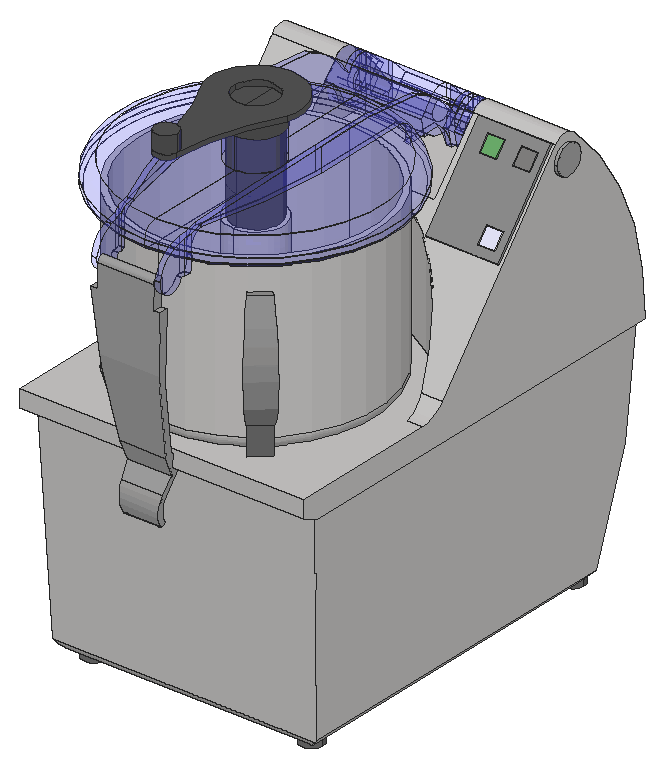
Revit family "QF_ELECTROLUXPROFESSIONAL_600502_K55Y2V", category Specialty Equipment, Revit 2018
Family settings
  Round Connector Dimension = Use Diameter
  Part Type = Normal
  Work Plane-Based = No
  Always vertical = Yes
  Cut with Voids When Loaded = No
  Shared = No
  Room Calculation Point = No
Parameters (values of type "QF_ELECTROLUX_600502_K55Y2V")
  Weight = 22.00 kg
  Watts = 0 W
  Volts = 380 V
  URL Manufacturer = "http://professional.electrolux.com"
  URL = "http://professional.electrolux.com"
  Steam Supply Size = 0 mm
  Steam Supply Minimum Pressure = 0.0 Pa
  Steam Supply Maximum Pressure = 0.0 Pa
  Steam Pounds per Hour = 0
  Refrigeration Suction Line Size = 0 mm
  Refrigeration Liquid Line Size = 0 mm
  Refrigerant Compressor Remote = yes
  Manufacturer = "Electrolux"
  Phase = 3
  Model = "K55Y2V"
  Length Actual = 256.0 mm  # constant formula
  Item Number = "600502"
  Hot Water Size = 0 mm
  Height Actual = 482.0 mm  # constant formula
  HP = "1.3 HP"
  Gas Size = 0 mm
  Gas KW = 0
  Gas Input Pressure = 0 W
  Direct Waste Size = 0 mm
  Description = "CUTTER-MIXER 5.5L-MICROTOOTHED BLADE-2 SPEED-1000W-380-440/3/50-60"
  Depth Actual = 415.0 mm  # constant formula
  Cycle = 60 Hz
  Condensate Return Size = 0 mm
  Compressed Air Volume = 0.0 L/s
  Compressed Air Size = 0 mm
  Compressed Air Pressure = 0.0 Pa
  Cold Water Size = 0 mm
  Accessory = yes
Reference planes
  plane 1 "Center (Front/Back)": y = 0
  plane 2: z = 0
  plane 3 "Center (Left/Right)": x = 0
  plane 4 "BASE": z = 6
  plane 5 "TOP": z = 685
  plane 6 "FRONT": y = -207.5
  plane 7 "BACK": y = 207.5
  plane 8 "LEFT": x = -128
  plane 9 "RIGHT": x = 128
  plane 10 "CenterX": x = -10
  plane 11 "Maniglia": through (-10, -59.177, 4000) normal (0.766, 0.6428, 0)
  plane 12 "Panel": through (4267.2, 107.252, 388.448) normal (0, 0.766, -0.6428)
  plane 13: z = 470
Forms (mm)
  Extrusion 1, solid, material "QF_Finishes_Stainless Steel"
    sketch origin (0, 0, 0) x (0, 1, 0) y (0, 0, 1)
      loop
        arc (155.897, 6) -> (160.37, 10.596) -> (163.359, 16.27) r 22.417
        arc (163.359, 16.27) -> (192.273, 107.896) -> (201.98, 203.483) r 470.678
        line (201.98, 203.483) -> (-161.42, 203.483)
        arc (-161.42, 203.483) -> (-159.547, 108.877) -> (-151.391, 14.604) r 1423.016
        arc (-151.391, 14.604) -> (-146.603, 8.365) -> (-139.103, 6) r 13.076
        line (-139.103, 6) -> (155.897, 6)
    from -128 to 128
  Extrusion 2, void
    sketch origin (0, -207.5, 0) x (-1, 0, 0) y (0, 0, 1)
      loop
        line (128, 203.483) -> (125, 203.483) -> (119.389, 16.27) -> (109.119, 6) -> (128, 6) -> (128, 203.483)
      loop
        line (-128, 203.483) -> (-128, 6) -> (-109.119, 6) -> (-119.389, 16.27) -> (-125, 203.483) -> (-128, 203.483)
    from 14.374 to 435.947
  Extrusion 3, solid, material "QF_Finishes_Stainless Steel"
    sketch origin (0, 0, 0) x (0, 1, 0) y (0, 0, 1)
      loop
        arc (207.5, 203.483) -> (187.745, 305.45) -> (127.203, 389.844) r 242.898
        arc (127.203, 389.844) -> (116.931, 393.38) -> (107.252, 388.448) r 13.902
        line (107.252, 388.448) -> (-20.106, 236.67)
        arc (-20.106, 236.67) -> (-30.264, 228.875) -> (-42.764, 226.104) r 29.578
        line (-42.764, 226.104) -> (-177.764, 226.104) -> (-177.764, 211.104) -> (-161.42, 203.483) -> (207.5, 203.483)
    from -128 to 128
  Extrusion 4, void
    sketch origin (0, -207.5, 0) x (-1, 0, 0) y (0, 0, 1)
      loop
        line (-53.607, 393.414) -> (-53.607, 336.684) -> (71.073, 336.684) -> (71.073, 393.414) -> (-53.607, 393.414)
    from 255.469 to 415
  Revolve 5, solid, material "QF_Plastic-Black"
    sketch origin (-10, 0, 0) x (0, -1, 0) y (0, 0, 1)
      loop
        line (59.177, 450.527) -> (28.516, 450.527) -> (35.424, 443.619) -> (35.424, 430.527) -> (38.194, 430.527) -> (38.194, 356.104) -> (59.177, 356.104) -> (59.177, 450.527)
      axis (59.177, 356.104) -> (59.177, 450.527)
    angle from 0 to 360
  Extrusion 6, solid, material "QF_Plastic-Black"
    sketch origin (0, 0, 0) x (1, 0, 0) y (0, 1, 0)
      loop
        arc (-48.167, -71.147) -> (-28.951, -114.517) -> (-19.956, -161.093) r 210.055
        arc (-19.956, -161.093) -> (-10, -170.155) -> (-0.044, -161.093) r 10
        arc (-0.044, -161.093) -> (8.951, -114.517) -> (28.167, -71.147) r 210.055
        arc (28.167, -71.147) -> (-10, -19.177) -> (-48.167, -71.147) r 40
    from 450.5 to 455
  Extrusion 7, solid, material "QF_Plastic-Black"
    sketch origin (0, 0, 0) x (1, 0, 0) y (0, 1, 0)
      loop
        circle (-10, -160.155) r 10
    from 455 to 470
  Extrusion 8, void
    sketch origin (0, 0, 0) x (1, 0, 0) y (0, 1, 0)
      loop
        circle (-10, -59.177) r 19
    from 427.6 to 472.8
  Extrusion 9, void
    sketch origin (0, 0, 0) x (1, 0, 0) y (0, 1, 0)
      loop
        arc (115, -59.177) -> (-10, 65.823) -> (-135, -59.177) r 125
        line (-135, -59.177) -> (115, -59.177)
    from 226.104 to 336.684
  Extrusion 10, void
    sketch origin (-20, 0, 0) x (-1, 0, 0) y (0, -1, 0)
      loop
        line (16.15, 177.864) -> (16.15, -123.86) -> (35.771, -123.86) -> (35.771, 48.192)
        arc (35.771, 48.192) -> (30.047, 105.502) -> (17.781, 161.776) r 500.876
        line (17.781, 161.776) -> (17.781, 171.776) -> (16.15, 177.864)
      loop
        line (40.771, -123.86) -> (45.852, -123.86) -> (45.852, 210.681) -> (21.15, 210.681) -> (21.15, 178.522) -> (22.781, 172.434) -> (22.781, 162.459)
        arc (22.781, 162.459) -> (35.047, 105.893) -> (40.771, 48.297) r 505.876
        line (40.771, 48.297) -> (40.771, -123.86)
    from 350.345 to 477.521
  Extrusion 11, solid, material "Glass"
    sketch origin (-20, 0, 0) x (0, 1, 0) y (0, 0, -1)
      loop
        line (-173.064, -369.647) -> (-181.303, -369.647)
        arc (-181.303, -369.647) -> (-196.341, -361.818) -> (-205.451, -376.117) r 12.548
        arc (-205.451, -376.117) -> (-199.87, -388.651) -> (-189.058, -397.099) r 28.357
        arc (-189.058, -397.099) -> (-65.868, -423.241) -> (59.99, -418.888) r 518.061
        arc (59.99, -418.888) -> (85.116, -404.522) -> (104.437, -382.973) r 90.696
        arc (104.437, -382.973) -> (113.885, -392.821) -> (127.203, -389.844) r 13.902
        arc (127.203, -389.844) -> (135.322, -382.188) -> (143.082, -374.167) r 242.898
        line (143.082, -374.167) -> (137.378, -368.464)
        arc (137.378, -368.464) -> (123.613, -353.84) -> (104.088, -358.543) r 20
        line (104.088, -358.543) -> (99.34, -358.543)
        arc (99.34, -358.543) -> (94.194, -371.609) -> (85.823, -382.884) r 53.446
        line (85.823, -382.884) -> (50.823, -382.884)
        arc (50.823, -382.884) -> (52.796, -383.701) -> (53.614, -385.674) r 2.79
        line (53.614, -385.674) -> (53.614, -390.892)
        arc (53.614, -390.892) -> (50.154, -399.244) -> (41.802, -402.703) r 11.812
        line (41.802, -402.703) -> (-160.307, -402.703)
        arc (-160.307, -402.703) -> (-168.659, -399.244) -> (-172.119, -390.892) r 11.812
        line (-172.119, -390.892) -> (-172.119, -385.826)
        arc (-172.119, -385.826) -> (-171.728, -384.361) -> (-170.659, -383.285) r 2.942
        line (-170.659, -383.285) -> (-173.064, -369.647)
      loop
        circle (117.901, -373.007) r 9.416
    from 16.15 to 45.852
  Extrusion 12, solid, material "Glass"
    sketch origin (0, 0, 0) x (0, 1, 0) y (0, 0, 1)
      loop
        line (137.378, 368.464) -> (143.082, 374.167)
        arc (143.082, 374.167) -> (135.322, 382.188) -> (127.203, 389.844) r 242.898
        arc (127.203, 389.844) -> (116.931, 393.38) -> (107.252, 388.448) r 13.902
        line (107.252, 388.448) -> (95.766, 374.76)
        arc (95.766, 374.76) -> (97.862, 366.72) -> (99.34, 358.543) r 108.872
        line (99.34, 358.543) -> (104.088, 358.543)
        arc (104.088, 358.543) -> (123.613, 353.84) -> (137.378, 368.464) r 20
      loop
        circle (117.901, 373.007) r 9.416
    from -71.073 to 53.607
  Extrusion 13, solid, material "QF_Finishes_Gray"
    sketch origin (0, 0, 0) x (0, 1, 0) y (0, 0, 1)
      loop
        arc (-182.273, 168.111) -> (-185.377, 178.111) -> (-182.273, 188.111) r 17.658
        line (-182.273, 188.111) -> (-169.592, 207.294) -> (-177.764, 211.104) -> (-177.764, 222.201) -> (-180.378, 224.815)
        arc (-180.378, 224.815) -> (-194.973, 298.318) -> (-196.805, 373.235) r 437.299
        arc (-196.805, 373.235) -> (-201.296, 377.726) -> (-205.788, 373.235) r 4.491
        arc (-205.788, 373.235) -> (-201.07, 296.739) -> (-185.461, 221.705) r 534.528
        line (-185.461, 221.705) -> (-177.764, 203.503) -> (-186.394, 190.943)
        arc (-186.394, 190.943) -> (-190.377, 178.111) -> (-186.394, 165.28) r 22.658
        arc (-186.394, 165.28) -> (-182.917, 164.635) -> (-182.273, 168.111) r 2.5
    from -49.646 to 27.326
  Extrusion 14, void
    sketch origin (0, -207.5, 0) x (-1, 0, 0) y (0, 0, 1)
      loop
        line (-15.15, 396.938) -> (-47.326, 396.938) -> (-47.326, 161.938) -> (-5.366, 161.938) -> (-20.516, 351.652) -> (-15.15, 351.652) -> (-15.15, 396.938)
      loop
        line (26.963, 161.938) -> (77.918, 161.938) -> (77.918, 396.938) -> (35.15, 396.938) -> (35.15, 351.652) -> (42.113, 351.652) -> (26.963, 161.938)
    from 46.08 to -69.339
  Extrusion 15, solid, material "Glass"
    sketch origin (0, 0, 0) x (0, 1, 0) y (0, 0, 1)
      loop
        line (-173.064, 369.647) -> (-170.659, 383.285)
        arc (-170.659, 383.285) -> (-171.728, 384.361) -> (-172.119, 385.826) r 2.942
        line (-172.119, 385.826) -> (-172.119, 390.892)
        arc (-172.119, 390.892) -> (-168.659, 399.244) -> (-160.307, 402.703) r 11.812
        line (-160.307, 402.703) -> (41.802, 402.703)
        arc (41.802, 402.703) -> (50.154, 399.244) -> (53.614, 390.892) r 11.812
        line (53.614, 390.892) -> (53.614, 385.674)
        arc (53.614, 385.674) -> (52.796, 383.701) -> (50.823, 382.884) r 2.79
        line (50.823, 382.884) -> (85.823, 382.884)
        arc (85.823, 382.884) -> (94.194, 371.609) -> (99.34, 358.543) r 53.446
        line (99.34, 358.543) -> (104.088, 358.543)
        arc (104.088, 358.543) -> (123.613, 353.84) -> (137.378, 368.464) r 20
        line (137.378, 368.464) -> (143.082, 374.167)
        arc (143.082, 374.167) -> (135.322, 382.188) -> (127.203, 389.844) r 242.898
        arc (127.203, 389.844) -> (113.885, 392.821) -> (104.437, 382.973) r 13.902
        arc (104.437, 382.973) -> (85.116, 404.522) -> (59.99, 418.888) r 90.696
        arc (59.99, 418.888) -> (-65.868, 423.241) -> (-189.058, 397.099) r 518.061
        arc (-189.058, 397.099) -> (-199.87, 388.651) -> (-205.451, 376.117) r 28.357
        arc (-205.451, 376.117) -> (-196.341, 361.818) -> (-181.303, 369.647) r 12.548
        line (-181.303, 369.647) -> (-173.064, 369.647)
      loop
        circle (117.901, 373.007) r 9.416
    from 16.15 to 45.852
  Extrusion 16, void
    sketch origin (0, 0, 0) x (1, 0, 0) y (0, 1, 0)
      loop
        line (16.15, -177.864) -> (17.781, -171.776) -> (17.781, -161.776)
        arc (17.781, -161.776) -> (30.047, -105.502) -> (35.771, -48.192) r 500.876
        line (35.771, -48.192) -> (35.771, 123.86) -> (16.15, 123.86) -> (16.15, -177.864)
      loop
        line (40.771, 123.86) -> (40.771, -48.297)
        arc (40.771, -48.297) -> (35.047, -105.893) -> (22.781, -162.459) r 505.876
        line (22.781, -162.459) -> (22.781, -172.434) -> (21.15, -178.522) -> (21.15, -210.681) -> (45.852, -210.681) -> (45.852, 123.86) -> (40.771, 123.86)
    from 350.345 to 477.521
  Revolve 17, solid, material "Glass"
    sketch origin (-10, 0, -40) x (0, -1, 0) y (0, 0, 1)
      loop
        line (38.194, 422.884) -> (38.194, 470.527) -> (35.424, 470.527) -> (35.424, 442.703) -> (-53.802, 442.703)
        arc (-53.802, 442.703) -> (-62.213, 439.268) -> (-65.732, 430.892) r 11.871
        line (-65.732, 430.892) -> (-65.732, 425.793)
        arc (-65.732, 425.793) -> (-64.88, 423.736) -> (-62.823, 422.884) r 2.909
        line (-62.823, 422.884) -> (38.194, 422.884)
      axis (59.177, 422.884) -> (59.177, 470.527)
    angle from 0 to 360
  Revolve 18, solid, material "QF_Metal-Stainless-Polished"
    sketch origin (-10, 0, 0) x (0, -1, 0) y (0, 0, 1)
      loop
        line (169.177, 382.884) -> (164.177, 382.884) -> (164.177, 237.884)
        arc (164.177, 237.884) -> (162.191, 233.09) -> (157.397, 231.104) r 6.78
        line (157.397, 231.104) -> (84.177, 231.104) -> (84.177, 356.104) -> (79.177, 356.104) -> (79.177, 226.104) -> (157.397, 226.104)
        arc (157.397, 226.104) -> (165.726, 229.554) -> (169.177, 237.884) r 11.78
        line (169.177, 237.884) -> (169.177, 382.884)
      axis (59.177, 382.884) -> (59.177, 226.104)
    angle from 0 to 360
  Extrusion 19, solid, material "QF_Plastic-Gray-Matte"
    sketch origin (-49.423, -13.925, 0) x (0.634002, 0.773331, 0) y (-0.773331, 0.634002, 0)
      loop
        line (-55.497, -222.333) -> (-26.468, -227.794) -> (-20.635, -161.119)
        arc (-20.635, -161.119) -> (-28.727, -159.898) -> (-36.729, -158.185) r 133.529
        line (-36.729, -158.185) -> (-55.497, -222.333)
    from 226.104 to 356.104
  Revolve 20, void
    sketch origin (-35.007, -29.374, 0) x (-0.642788, 0.766044, 0) y (0, 0, 1)
      loop
        arc (-155.215, 337.579) -> (-171.344, 302.579) -> (-155.215, 267.579) r 46.04
        line (-155.215, 267.579) -> (-147.754, 267.579) -> (-147.754, 337.579) -> (-155.215, 337.579)
      loop
        line (-155.215, 356.104) -> (-147.754, 356.104) -> (-147.754, 361.761) -> (-215.215, 361.761) -> (-215.215, 226.104) -> (-147.754, 226.104) -> (-147.754, 256.485) -> (-163.93, 256.485)
        arc (-163.93, 256.485) -> (-184.453, 308.471) -> (-155.215, 356.104) r 62.537
      axis (10, 361.761) -> (10, 226.104)
    angle from -8.217 to 8.652
  Extrusion 21, solid, material "QF_Finishes_Rubber Black"
    sketch origin (0, 0, 0) x (1, 0, 0) y (0, 1, 0)
      loop
        arc (57.446, -154.071) -> (64.931, -148.135) -> (72.061, -141.775) r 165.215
        line (72.061, -141.775) -> (66.401, -136.116)
        arc (66.401, -136.116) -> (59.824, -141.977) -> (52.928, -147.46) r 157.215
        line (52.928, -147.46) -> (57.446, -154.071)
    from 226.104 to 256.485
  Extrusion 22, solid, material "QF_Plastic-Gray-Matte"
    sketch origin (0, -128.336, 107.686) x (0, 0.642788, 0.766044) y (1, 0, 0)
      loop
        line (366.07, 59.066) -> (366.07, 124.8) -> (272.743, 124.8) -> (272.743, 59.066) -> (366.07, 59.066)
      loop
        line (356.63, 102.599) -> (356.63, 117.599) -> (341.63, 117.599) -> (341.63, 102.599) -> (356.63, 102.599)
      loop
        line (295.63, 102.599) -> (295.63, 117.599) -> (280.63, 117.599) -> (280.63, 102.599) -> (295.63, 102.599)
      loop
        line (356.63, 72.599) -> (356.63, 87.599) -> (341.63, 87.599) -> (341.63, 72.599) -> (356.63, 72.599)
    from -1 to 0.6
  Extrusion 23, solid, material "QF_Finishes_Red"
    sketch origin (0, -128.336, 107.686) x (0, 0.642788, 0.766044) y (1, 0, 0)
      loop
        line (356.63, 102.599) -> (356.63, 117.599) -> (341.63, 117.599) -> (341.63, 102.599) -> (356.63, 102.599)
    from -1 to 0.6
  Extrusion 24, solid, material "QF_Finishes_Green"
    sketch origin (-27.396, -127.834, 108.284) x (0, 0.642788, 0.766044) y (1, 0, 0)
      loop
        line (355.85, 99.994) -> (355.85, 114.994) -> (340.786, 114.994) -> (340.786, 99.994) -> (355.85, 99.994)
    from -1 to 0.6
  Extrusion 25, solid, material "QF_Plastic-White-Matte"
    sketch origin (0, -167.546, 60.958) x (0, 0.642788, 0.766044) y (1, 0, 0)
      loop
        line (356.63, 102.599) -> (356.63, 117.599) -> (341.63, 117.599) -> (341.63, 102.599) -> (356.63, 102.599)
    from -1 to 0.6
  Extrusion 26, solid, material "QF_Finishes_Stainless Steel"
    sketch origin (0, 207.5, 0) x (-1, 0, 0) y (0, 0, 1)
      loop
        circle (0, 202) r 10.353
    from -6.2 to 3
  Revolve 27, solid, material "QF_Door-Drawer Clearances", detail levels coarse
    sketch origin (-10, -221.856, 479.549) x (0, 0, 1) y (0, 1, 0)
      loop
        line (59.177, 490.527) -> (28.516, 490.527) -> (35.424, 483.619) -> (35.424, 470.527) -> (38.194, 470.527) -> (38.194, 442.703) -> (59.177, 442.703) -> (59.177, 490.527)
      axis (59.177, 442.703) -> (59.177, 490.527)
    angle from 0 to 360
  Extrusion 28, solid, material "QF_Door-Drawer Clearances", detail levels coarse
    sketch origin (0, -221.856, 479.549) x (1, 0, 0) y (0, 0, -1)
      loop
        arc (-48.167, -71.147) -> (-28.951, -114.517) -> (-19.956, -161.093) r 210.055
        arc (-19.956, -161.093) -> (-10, -170.155) -> (-0.044, -161.093) r 10
        arc (-0.044, -161.093) -> (8.951, -114.517) -> (28.167, -71.147) r 210.055
        arc (28.167, -71.147) -> (-10, -19.177) -> (-48.167, -71.147) r 40
    from 490.527 to 495.013
  Extrusion 29, solid, material "QF_Door-Drawer Clearances", detail levels coarse
    sketch origin (0, -221.856, 479.549) x (1, 0, 0) y (0, 0, -1)
      loop
        circle (-10, -160.155) r 10
    from 495.013 to 510.592
  Extrusion 30, void
    sketch origin (-20, -221.856, 479.359) x (-1, 0, 0) y (0, 0, 1)
      loop
        line (16.15, 177.864) -> (16.15, -123.86) -> (35.771, -123.86) -> (35.771, 48.192)
        arc (35.771, 48.192) -> (30.047, 105.502) -> (17.781, 161.776) r 500.876
        line (17.781, 161.776) -> (17.781, 171.776) -> (16.15, 177.864)
      loop
        line (40.771, -123.86) -> (45.852, -123.86) -> (45.852, 210.681) -> (21.15, 210.681) -> (21.15, 178.522) -> (22.781, 172.434) -> (22.781, 162.459)
        arc (22.781, 162.459) -> (35.047, 105.893) -> (40.771, 48.297) r 505.876
        line (40.771, 48.297) -> (40.771, -123.86)
    from 350.345 to 477.521
  Extrusion 31, solid, material "QF_Door-Drawer Clearances", detail levels coarse
    sketch origin (-20, -221.856, 479.359) x (0, 0, -1) y (0, -1, 0)
      loop
        line (-173.064, -409.647) -> (-181.303, -409.647)
        arc (-181.303, -409.647) -> (-196.341, -401.818) -> (-205.451, -416.117) r 12.548
        arc (-205.451, -416.117) -> (-199.87, -428.651) -> (-189.058, -437.099) r 28.357
        arc (-189.058, -437.099) -> (-65.868, -463.241) -> (59.99, -458.888) r 518.061
        arc (59.99, -458.888) -> (92.246, -438.11) -> (113.023, -405.855) r 90.696
        arc (113.023, -405.855) -> (114.903, -399.662) -> (115.972, -393.28) r 50.278
        arc (115.972, -393.28) -> (121.968, -392.806) -> (127.203, -389.844) r 13.902
        arc (127.203, -389.844) -> (129.309, -387.924) -> (131.393, -385.98) r 242.898
        arc (131.393, -385.98) -> (114.739, -373.307) -> (99.238, -359.247) r 242.898
        arc (99.238, -359.247) -> (87.934, -393.903) -> (65.823, -422.884) r 108.872
        line (65.823, -422.884) -> (50.823, -422.884)
        arc (50.823, -422.884) -> (52.796, -423.701) -> (53.614, -425.674) r 2.79
        line (53.614, -425.674) -> (53.614, -430.892)
        arc (53.614, -430.892) -> (50.154, -439.244) -> (41.802, -442.703) r 11.812
        line (41.802, -442.703) -> (-160.307, -442.703)
        arc (-160.307, -442.703) -> (-168.659, -439.244) -> (-172.119, -430.892) r 11.812
        line (-172.119, -430.892) -> (-172.119, -425.826)
        arc (-172.119, -425.826) -> (-171.728, -424.361) -> (-170.659, -423.285) r 2.942
        line (-170.659, -423.285) -> (-173.064, -409.647)
    from 16.15 to 45.852
  Extrusion 32, void
    sketch origin (0, -221.856, 479.359) x (1, 0, 0) y (0, 0, -1)
      loop
        line (16.15, -177.864) -> (17.781, -171.776) -> (17.781, -161.776)
        arc (17.781, -161.776) -> (30.047, -105.502) -> (35.771, -48.192) r 500.876
        line (35.771, -48.192) -> (35.771, 123.86) -> (16.15, 123.86) -> (16.15, -177.864)
      loop
        line (40.771, 123.86) -> (40.771, -48.297)
        arc (40.771, -48.297) -> (35.047, -105.893) -> (22.781, -162.459) r 505.876
        line (22.781, -162.459) -> (22.781, -172.434) -> (21.15, -178.522) -> (21.15, -210.681) -> (45.852, -210.681) -> (45.852, 123.86) -> (40.771, 123.86)
    from 350.345 to 477.521
  Extrusion 33, solid, material "QF_Door-Drawer Clearances", detail levels coarse
    sketch origin (0, -221.856, 479.359) x (0, 0, -1) y (0, 1, 0)
      loop
        line (-173.064, 409.647) -> (-170.659, 423.285)
        arc (-170.659, 423.285) -> (-171.728, 424.361) -> (-172.119, 425.826) r 2.942
        line (-172.119, 425.826) -> (-172.119, 430.892)
        arc (-172.119, 430.892) -> (-168.659, 439.244) -> (-160.307, 442.703) r 11.812
        line (-160.307, 442.703) -> (41.802, 442.703)
        arc (41.802, 442.703) -> (50.154, 439.244) -> (53.614, 430.892) r 11.812
        line (53.614, 430.892) -> (53.614, 425.674)
        arc (53.614, 425.674) -> (52.796, 423.701) -> (50.823, 422.884) r 2.79
        line (50.823, 422.884) -> (65.823, 422.884)
        arc (65.823, 422.884) -> (87.934, 393.903) -> (99.238, 359.247) r 108.872
        arc (99.238, 359.247) -> (114.739, 373.307) -> (131.393, 385.98) r 242.898
        arc (131.393, 385.98) -> (129.309, 387.924) -> (127.203, 389.844) r 242.898
        arc (127.203, 389.844) -> (121.968, 392.806) -> (115.972, 393.28) r 13.902
        arc (115.972, 393.28) -> (114.903, 399.662) -> (113.023, 405.855) r 50.278
        arc (113.023, 405.855) -> (92.246, 438.11) -> (59.99, 458.888) r 90.696
        arc (59.99, 458.888) -> (-65.868, 463.241) -> (-189.058, 437.099) r 518.061
        arc (-189.058, 437.099) -> (-199.87, 428.651) -> (-205.451, 416.117) r 28.357
        arc (-205.451, 416.117) -> (-196.341, 401.818) -> (-181.303, 409.647) r 12.548
        line (-181.303, 409.647) -> (-173.064, 409.647)
    from 16.15 to 45.852
  Revolve 34, solid, material "QF_Door-Drawer Clearances", detail levels coarse
    sketch origin (-10, -221.856, 479.549) x (0, 0, 1) y (0, 1, 0)
      loop
        line (38.194, 422.884) -> (38.194, 470.527) -> (35.424, 470.527) -> (35.424, 442.703) -> (-53.802, 442.703)
        arc (-53.802, 442.703) -> (-62.213, 439.268) -> (-65.732, 430.892) r 11.871
        line (-65.732, 430.892) -> (-65.732, 425.793)
        arc (-65.732, 425.793) -> (-64.88, 423.736) -> (-62.823, 422.884) r 2.909
        line (-62.823, 422.884) -> (38.194, 422.884)
      axis (59.177, 422.884) -> (59.177, 470.527)
    angle from 0 to 360
  Extrusion 35, solid, material "QF_Finishes_Rubber Black"
    sketch origin (0, 0, 0) x (1, 0, 0) y (0, 1, 0)
      loop
        circle (-98.592, 163.359) r 10
      loop
        circle (-98.592, -131.641) r 10
      loop
        circle (98.592, 163.359) r 10
      loop
        circle (98.592, -131.641) r 10
    from 0 to 6
  Extrusion 36, solid, material "QF_Finishes_Gray"
    sketch origin (0, 0, 0) x (0, 1, 0) y (0, 0, 1)
      loop
        circle (117.901, 373.007) r 13.005
    from 131.516 to 128
  Extrusion 37, solid, material "QF_Finishes_Gray"
    sketch origin (0, 0, 0) x (0, 1, 0) y (0, 0, -1)
      loop
        circle (117.901, -373.007) r 13.005
    from 131.516 to 128
Cuts and joins
  Extrusion 2, Extrusion 8, Extrusion 9 cuts Extrusion 1
  Extrusion 4, Extrusion 9 cuts Extrusion 3
  Extrusion 8 cuts Extrusion 6
  Extrusion 10, Extrusion 16, Extrusion 30, Extrusion 32 cuts Extrusion 11
  Extrusion 14, Extrusion 16, Extrusion 30 cuts Extrusion 13
  Extrusion 16, Extrusion 30, Extrusion 32 cuts Extrusion 12
  Extrusion 16 cuts Extrusion 15
  Revolve 20 cuts Extrusion 19
  Extrusion 30 cuts Revolve 17
  Extrusion 30 cuts Revolve 18
  Extrusion 30, Extrusion 32 cuts Extrusion 31
  Extrusion 32 cuts Extrusion 33
Lines and regions (mm)
  symbolic lines
    curve 1: arc (-10, -172.155, 0) -> (3.999, -171.284, 0) -> (17.781, -168.686, 0) r 112.979
    curve 2: arc (-10, -184.085, 0) -> (-23.148, -183.391, 0) -> (-36.15, -181.317, 0) r 124.909
    curve 3: line (128, -157.764, 0) -> (128, 187.57, 0)
    curve 4: line (124.8, 106.204, 0) -> (59.066, 106.204, 0)
    curve 5: line (102.599, 90.494, 0) -> (117.599, 90.494, 0)
    curve 6: line (117.599, 62.151, 0) -> (102.599, 62.151, 0)
    curve 7: line (102.599, 51.284, 0) -> (117.599, 51.284, 0)
    curve 8: line (102.599, 62.151, 0) -> (102.599, 51.284, 0)
    curve 9: line (117.599, 51.284, 0) -> (117.599, 62.151, 0)
    curve 10: line (117.599, 90.494, 0) -> (117.599, 101.361, 0)
    curve 11: line (102.599, 101.361, 0) -> (102.599, 90.494, 0)
    curve 12: arc (-0.044, -161.093, 0) -> (8.951, -114.517, 0) -> (28.167, -71.147, 0) r 210.055
    curve 13: arc (28.167, -71.147, 0) -> (-10, -19.177, 0) -> (-48.167, -71.147, 0) r 40
    curve 14: arc (-48.167, -71.147, 0) -> (-28.951, -114.517, 0) -> (-19.956, -161.093, 0) r 210.055
    curve 15: arc (-19.956, -161.093, 0) -> (-10, -170.155, 0) -> (-0.044, -161.093, 0) r 10
    curve 16: arc (0, -160.155, 0) -> (-10, -150.155, 0) -> (-20, -160.155, 0) r 10
    curve 17: arc (-55.771, -48.192, 0) -> (-50.047, -105.502, 0) -> (-37.781, -161.776, 0) r 500.876
    curve 18: arc (-42.781, -162.459, 0) -> (-55.047, -105.893, 0) -> (-60.771, -48.297, 0) r 505.876
    curve 19: line (-55.771, 123.86, 0) -> (-55.771, -48.192, 0)
    curve 20: line (-60.771, -48.297, 0) -> (-60.771, 123.86, 0)
    curve 21: line (40.771, 123.86, 0) -> (40.771, -48.297, 0)
    curve 22: line (35.771, -48.192, 0) -> (35.771, 123.86, 0)
    curve 23: arc (40.771, -48.297, 0) -> (35.047, -105.893, 0) -> (22.781, -162.459, 0) r 505.876
    curve 24: arc (17.781, -161.776, 0) -> (30.047, -105.502, 0) -> (35.771, -48.192, 0) r 500.876
    curve 25: line (22.781, -162.459, 0) -> (22.781, -172.434, 0)
    curve 26: line (17.781, -171.776, 0) -> (17.781, -161.776, 0)
    curve 27: line (16.15, -177.864, 0) -> (17.781, -171.776, 0)
    curve 28: line (22.781, -172.434, 0) -> (21.15, -178.522, 0)
    curve 29: line (21.15, -178.522, 0) -> (21.15, -205.641, 0)
    curve 30: line (-37.781, -161.776, 0) -> (-37.781, -171.776, 0)
    curve 31: line (-42.781, -172.434, 0) -> (-42.781, -162.459, 0)
    curve 32: line (-41.15, -178.522, 0) -> (-42.781, -172.434, 0)
    curve 33: line (-37.781, -171.776, 0) -> (-36.15, -177.864, 0)
    curve 34: line (-41.15, -205.641, 0) -> (-41.15, -178.522, 0)
    curve 35: spline (22.008, -197.61, 0) -> (21.937, -197.617, 0) -> (21.865, -197.622, 0) -> (21.794, -197.626, 0) -> (21.722, -197.627, 0) -> (21.651, -197.627, 0) -> (21.579, -197.625, 0) -> (21.508, -197.621, 0) -> (21.436, -197.615, 0) -> (21.365, -197.608, 0) -> (21.293, -197.598, 0) -> (21.222, -197.587, 0) -> (21.15, -197.574, 0)
    curve 36: line (-71.073, 171.51, 0) -> (53.607, 171.51, 0)
    curve 37: line (59.066, 46.214, 0) -> (124.8, 46.214, 0)
    curve 38: line (59.066, 106.204, 0) -> (59.066, 46.214, 0)
    curve 39: line (124.8, 46.214, 0) -> (124.8, 107.429, 0)
    curve 40: line (53.607, 48.324, 0) -> (53.607, 171.51, 0)
    curve 41: line (-71.073, 171.51, 0) -> (-71.073, 49.783, 0)
    curve 42: arc (40.771, 54.948, 0) -> (114.476, -69.566, 0) -> (21.15, -180.138, 0) r 124.909
    curve 43: arc (-60.771, 41.751, 0) -> (-122.562, -68.863, 0) -> (-42.781, -167.295, 0) r 112.979
    curve 44: line (93.154, -162.392, 0) -> (78.293, -147.531, 0)
    curve 45: line (93.154, -162.392, 0) -> (74.048, -178.424, 0)
    curve 46: line (74.048, -178.424, 0) -> (61.96, -161.274, 0)
    curve 47: arc (-37.781, -168.686, 0) -> (-23.999, -171.284, 0) -> (-10, -172.155, 0) r 112.979
    curve 48: arc (-41.15, -180.138, 0) -> (-94.625, -151.05, 0) -> (-128, -100.142, 0) r 124.909
    curve 49: arc (22.781, -167.295, 0) -> (102.562, -68.863, 0) -> (40.771, 41.751, 0) r 112.979
    curve 50: arc (16.15, -181.317, 0) -> (3.148, -183.391, 0) -> (-10, -184.085, 0) r 124.909
    curve 51: line (16.15, -205.242, 0) -> (16.15, -177.864, 0)
    curve 52: line (-36.15, -205.641, 0) -> (-36.15, -177.864, 0)
    curve 53: line (-41.15, -205.641, 0) -> (21.15, -205.641, 0)
    curve 54: line (22.008, -205.53, 0) -> (22.008, -197.61, 0)
    curve 55: line (22.008, -205.53, 0) -> (21.15, -205.53, 0)
    curve 56: spline (-42.008, -197.61, 0) -> (-41.937, -197.617, 0) -> (-41.865, -197.622, 0) -> (-41.794, -197.626, 0) -> (-41.722, -197.627, 0) -> (-41.651, -197.627, 0) -> (-41.579, -197.625, 0) -> (-41.508, -197.621, 0) -> (-41.436, -197.615, 0) -> (-41.365, -197.608, 0) -> (-41.293, -197.598, 0) -> (-41.222, -197.587, 0) -> (-41.15, -197.574, 0)
    curve 57: line (-42.008, -205.53, 0) -> (-42.008, -197.61, 0)
    curve 58: line (-42.008, -205.53, 0) -> (-41.15, -205.53, 0)
    curve 59: arc (-128, -18.211, 0) -> (-101.973, 25.34, 0) -> (-60.771, 54.948, 0) r 124.909
    curve 60: arc (-128, -100.142, 0) -> (-134.909, -59.177, 0) -> (-128, -18.211, 0) r 124.909
    curve 61: line (-108, -177.764, 0) -> (-49.233, -177.764, 0)
    curve 62: line (-128, 187.57, 0) -> (-128, -17.764, 0)
    curve 63: line (29.233, -177.764, 0) -> (108, -177.764, 0)
    curve 64: line (-128, -97.764, 0) -> (-128, -157.764, 0)
    curve 65: line (-108, 207.57, 0) -> (108, 207.57, 0)
    curve 66: arc (-128, -157.764, 0) -> (-122.142, -171.906, 0) -> (-108, -177.764, 0) r 20
    curve 67: arc (108, -177.764, 0) -> (122.142, -171.906, 0) -> (128, -157.764, 0) r 20
    curve 68: arc (128, 187.57, 0) -> (122.142, 201.713, 0) -> (108, 207.57, 0) r 20
    curve 69: arc (-108, 207.57, 0) -> (-122.142, 201.713, 0) -> (-128, 187.57, 0) r 20
    curve 70: line (45.852, 123.86, 0) -> (-71.073, 123.86, 0)
    curve 71: line (45.852, 137.378, 0) -> (-65.852, 137.378, 0)
    curve 72: line (45.852, 143.082, 0) -> (-65.852, 143.082, 0)
    curve 73: line (53.607, 123.86, 0) -> (45.852, 123.86, 0)
    curve 74: line (45.852, 123.86, 0) -> (45.852, 170.216, 0)
    curve 75: line (45.852, 170.216, 0) -> (-65.852, 170.216, 0)
    curve 76: line (-65.852, 170.216, 0) -> (-65.852, 123.86, 0)
    curve 77: line (102.599, 101.361, 0) -> (117.599, 101.361, 0)
    curve 78: line (72.599, 90.494, 0) -> (87.599, 90.494, 0)
    curve 79: line (87.599, 90.494, 0) -> (87.599, 101.361, 0)
    curve 80: line (72.599, 101.361, 0) -> (72.599, 90.494, 0)
    curve 81: line (72.599, 101.361, 0) -> (87.599, 101.361, 0)
Dimensions and locks
  plane 4 "BASE" to level = 6.0 mm
  plane 5 "TOP" to level = 685.0 mm  (x2)
  plane 8 "LEFT" to plane 3 "Center (Left/Right)" to plane 9 "RIGHT" = 128.0 mm, 128.0 mm
  plane 7 "BACK" to plane 1 "Center (Front/Back)" to plane 6 "FRONT" = 207.5 mm, 207.5 mm
  plane 7 "BACK" to plane 6 "FRONT" = 415.0 mm
  plane 8 "LEFT" to plane 9 "RIGHT" = 256.0 mm
  plane 10 "CenterX" to plane 3 "Center (Left/Right)" = 10.0 mm
  plane 13 to level = 470.0 mm
  aligned and locked: level to plane 2
  aligned and locked: Extrusion 22 sketch curve to Extrusion 23
Connectors
  electrical at (0, 210.5, 202)
    settings: on Extrusion 26, index 1, voltage 0 V, apparent load 0 VA, apparent load phase1 0 VA, apparent load phase2 0 VA, apparent load phase3 0 VA, power factor 1, load classification "Other", number of poles 1, system type 30, power factor state 1, is connector primary yes, connector utility no, sub classification motor no, connector description "Electrical connection"
